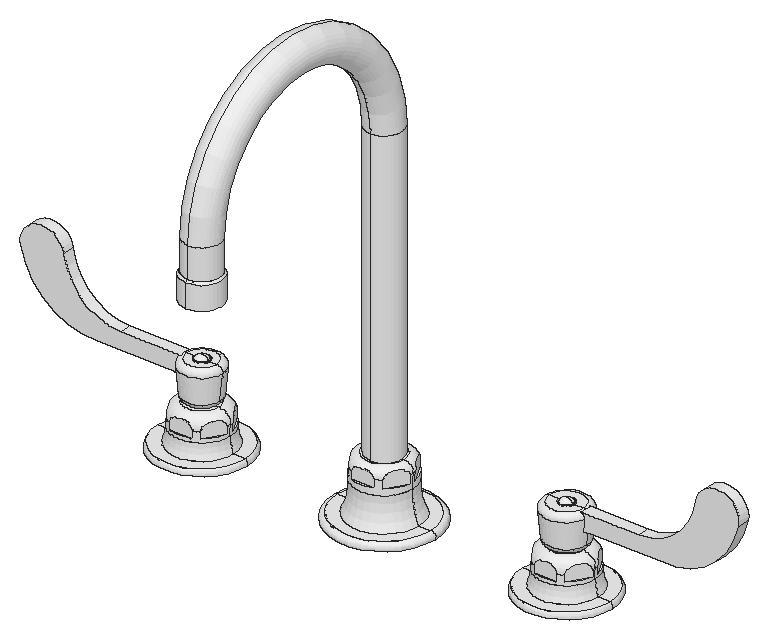
Revit family "Faucet-Lavatory-American_Standard-Monterrey-6540.174.002", category Plumbing Fixtures, Revit 2019
Family settings
  Round Connector Dimension = Use Diameter
  Part Type = Normal
  OmniClass Number = 23.45.55.17
  OmniClass Title = Mixing Faucets
  Work Plane-Based = Yes
  Always vertical = No
  Cut with Voids When Loaded = No
  Shared = Yes
  Room Calculation Point = No
Parameters (values of type "6540.174.002")
  Waste Connection = no
  Warranty Information = "5 Year Limited Warranty for Commercial Installations"  # constant formula
  WFU = 2  # constant formula
  Vent Connection = no
  URL = "http://www.americanstandard-us.com/"
  Spout Reach = 5"
  Revised Date = "09/27/2021"  # constant formula
  Reach Height = 6 1/2"
  Product Page URL = "https://www.americanstandard-us.com/Mechanical-Commercial-Fittings/Monterrey-8-Inch-Widespread-Gooseneck-Faucet-With-Wrist-Blade-Handles-035-gpm-13-Lpm/CHROME-6540174002"
  Product Documentation Link = "https://americanstandard.box.com/shared/static/afhcwfvql6dd4f4aj8t69of0fhdpz55u.pdf"
  Price = "Prices may vary. Please consult Manufacturer Representative for most up-to-date price list."  # constant formula
  Model = "6540.174.002"
  Material = "Brass-American Standard-002-Polished Chrome"
  Manufacturer = "American Standard"
  Length = 15 3/4"
  Installation Type = "Deck Mounted"
  Hot Water Connection Diameter = 1/2"  # constant formula
  Height = 10 5/8"
  Handle Distance = 8"  # constant formula
  HWFU = 1.5  # constant formula
  HW Connection = yes
  Flow Rate = "0.35 gpm (1.3L/min)"
  Finish = Brass-American Standard-002-Polished Chrome
  Description = "Monterrey 0.35 gpm Two-handle 8\" Widespread Lavatory Faucet Rigid/Swivel Gooseneck with 5\" Reach"
  Default Elevation = 0"
  Creation Date = "02/25/2016"  # constant formula
  Cold Water Connection Diameter = 1/2"  # constant formula
  CalGreen Compliant = yes
  CWFU = 1.5  # constant formula
  CW Connection = yes
  Assembly Code = "D2020300"
  ASME A112.18.1/CSA B125.1 = yes
  ADA Compliant = yes
Reference planes (in)
  plane 1 "Center (Front/Back)": y = 0
  plane 2: z = 0
  plane 3 "Center (Left/Right)": x = 0
  plane 4: z = 10.625
  plane 5: y = -5
  plane 6: z = 6.5
  plane 7: x = 4
  plane 8: x = -4
  plane 9: x = -5
  plane 10: z = 0.17426
  plane 11: y = -0.375
  plane 12: y = -5.375
  plane 13: x = -3
  plane 14: x = 5
  plane 15: x = 3
  plane 16: x = 0.37856
  plane 17: x = -0.37856
  plane 18: x = -7.875
  plane 19: x = 7.875
Forms (in)
  Sweep 1, solid, material "Brass-American Standard-002-Polished Chrome" <- "Finish"
    path origin (0, 0, -1.50409) x (0, 1, 0) y (0, 0, 1)
      loop
        line (0, 2.52781) -> (0, 9.24965)
        arc (0, 9.24965) -> (-2.5, 11.74965) -> (-5, 9.24965) r 2.5
        line (-5, 9.24965) -> (-5, 8.24965)
    profile origin (0, 0, 4.38465) x (0, -1, 0) y (1, 0, 0)
      loop
        circle (0, 0) r 0.37856
  Revolve 2, solid, material "Brass-American Standard-002-Polished Chrome" <- "Finish"
    sketch origin (0, 4.5, -0.45291) x (0, 1, 0) y (0, 0, 1)
      loop
        line (-9.92726, 7.48224) -> (-9.92726, 6.98147) -> (-9.88892, 6.98147) -> (-9.86892, 6.95291) -> (-9.5, 6.95291) -> (-9.5, 7.53052) -> (-9.89345, 7.53052) -> (-9.92726, 7.48224)
      axis (-9.5, 7.53052) -> (-9.5, 6.95291)
    angle from 0 to 360
  Revolve 3, solid, material "Brass-American Standard-002-Polished Chrome" <- "Finish"
    sketch origin (0, 0, 0) x (1, 0, 0) y (0, 0, 1)
      loop
        arc (-4, 1.83383) -> (-4.07786, 1.81554) -> (-4.13264, 1.75726) r 0.13852
        line (-4.13264, 1.75726) -> (-4.13264, 1.72601) -> (-4.16389, 1.72601) -> (-4.16389, 1.75726) -> (-4.32791, 1.75726)
        arc (-4.32791, 1.75726) -> (-4.42046, 1.71627) -> (-4.45232, 1.62019) r 0.125
        line (-4.45232, 1.62019) -> (-4.39778, 1.05773)
        arc (-4.39778, 1.05773) -> (-4.36565, 0.99373) -> (-4.29886, 0.96794) r 0.09938
        line (-4.29886, 0.96794) -> (-4.17228, 0.96794) -> (-4.17228, 0.93) -> (-4.37285, 0.93)
        arc (-4.37285, 0.93) -> (-4.55339, 0.85294) -> (-4.62262, 0.66927) r 0.25
        line (-4.62262, 0.66927) -> (-4.62262, 0.45123)
        arc (-4.62262, 0.45123) -> (-4.63597, 0.28237) -> (-4.68685, 0.12081) r 0.75054
        line (-4.68685, 0.12081) -> (-4.95648, 0.12081)
        arc (-4.95648, 0.12081) -> (-4.99181, 0.0653) -> (-5, 0) r 0.15007
        line (-5, 0) -> (-4, 0) -> (-4, 1.83383)
      axis (-4, 1.83383) -> (-4, 0)
    angle from 0 to 360
  Revolve 4, solid, material "Brass-American Standard-002-Polished Chrome" <- "Finish"
    sketch origin (0, 0, 0) x (1, 0, 0) y (0, 0, 1)
      loop
        line (0, 0) -> (0, 1.32462) -> (-0.42891, 1.32462)
        arc (-0.42891, 1.32462) -> (-0.57144, 1.26558) -> (-0.63047, 1.12306) r 0.20156
        line (-0.63047, 1.12306) -> (-0.63047, 0.82462)
        arc (-0.63047, 0.82462) -> (-0.63991, 0.47235) -> (-0.76259, 0.142) r 1.07672
        line (-0.76259, 0.142) -> (-1.02139, 0.142)
        arc (-1.02139, 0.142) -> (-1.1063, 0.09564) -> (-1.12082, 0) r 0.1089
        line (-1.12082, 0) -> (0, 0)
      axis (0, 1.32462) -> (0, 0)
    angle from 0 to 360
  Extrusion 5, void
    sketch origin (0, 0, 0) x (1, 0, 0) y (0, 1, 0)
      loop
        line (-0.66376, 0) -> (-0.33188, -0.57483) -> (0.33188, -0.57483) -> (0.66376, 0) -> (0.33188, 0.57483) -> (-0.33188, 0.57483) -> (-0.66376, 0)
      loop
        circle (0, 0) r 0.75
    from 0.957 to 1.38415
  Extrusion 6, void
    sketch origin (0, 0, 0) x (1, 0, 0) y (0, 1, 0)
      loop
        line (-3.34125, 0) -> (-3.67062, 0.5705) -> (-4.32938, 0.5705) -> (-4.65875, 0) -> (-4.32938, -0.5705) -> (-3.67062, -0.5705) -> (-3.34125, 0)
      loop
        circle (-4, 0) r 0.70724
    from 0.93221 to 0.524
  Revolve 7, solid, material "Brass-American Standard-002-Polished Chrome" <- "Finish"
    sketch origin (0, 0, 0) x (-1, 0, 0) y (0, 0, -1)
      loop
        line (-4, -1.83383) -> (-4, 0) -> (-5, 0)
        arc (-5, 0) -> (-4.99181, -0.0653) -> (-4.95648, -0.12081) r 0.15007
        line (-4.95648, -0.12081) -> (-4.68685, -0.12081)
        arc (-4.68685, -0.12081) -> (-4.63597, -0.28237) -> (-4.62262, -0.45123) r 0.75054
        line (-4.62262, -0.45123) -> (-4.62262, -0.66927)
        arc (-4.62262, -0.66927) -> (-4.55339, -0.85294) -> (-4.37285, -0.93) r 0.25
        line (-4.37285, -0.93) -> (-4.17228, -0.93) -> (-4.17228, -0.96794) -> (-4.34595, -0.96794)
        arc (-4.34595, -0.96794) -> (-4.41275, -0.99373) -> (-4.44487, -1.05773) r 0.09938
        line (-4.44487, -1.05773) -> (-4.49942, -1.62019)
        arc (-4.49942, -1.62019) -> (-4.46756, -1.71627) -> (-4.375, -1.75726) r 0.125
        line (-4.375, -1.75726) -> (-4.16389, -1.75726) -> (-4.16389, -1.72601) -> (-4.13264, -1.72601) -> (-4.13264, -1.75726)
        arc (-4.13264, -1.75726) -> (-4.07786, -1.81554) -> (-4, -1.83383) r 0.13852
      axis (-4, -1.83383) -> (-4, 0)
    angle from 0 to 360
  Extrusion 8, void
    sketch origin (0, 0, 0) x (-1, 0, 0) y (0, -1, 0)
      loop
        line (-3.34125, 0) -> (-3.67062, 0.5705) -> (-4.32938, 0.5705) -> (-4.65875, 0) -> (-4.32938, -0.5705) -> (-3.67062, -0.5705) -> (-3.34125, 0)
      loop
        circle (-4, 0) r 0.70724
    from 0.93221 to 0.524
  Extrusion 9, solid, material "Brass-American Standard-002-Polished Chrome" <- "Finish"
    sketch origin (0, 0, 0) x (-1, 0, 0) y (0, 0, -1)
      loop
        arc (-6.17228, -1.40079) -> (-7.25828, -1.72432) -> (-7.875, -2.67496) r 1.63938
        arc (-7.875, -2.67496) -> (-7.48691, -3.22952) -> (-6.92805, -2.84766) r 0.48132
        arc (-6.92805, -2.84766) -> (-6.51546, -2.06427) -> (-5.68745, -1.7507) r 1.25
        line (-5.68745, -1.7507) -> (-4, -1.7507) -> (-4, -1.18458) -> (-4.19638, -1.18458)
        arc (-4.19638, -1.18458) -> (-4.38259, -1.34362) -> (-4.62072, -1.40079) r 0.52452
        line (-4.62072, -1.40079) -> (-6.17228, -1.40079)
    from -0.125 to 0.125
  Extrusion 10, solid, material "Brass-American Standard-002-Polished Chrome" <- "Finish"
    sketch origin (0, 0, 0) x (1, 0, 0) y (0, 0, 1)
      loop
        line (-6.17228, 1.40079) -> (-4.62072, 1.40079)
        arc (-4.62072, 1.40079) -> (-4.38259, 1.34362) -> (-4.19638, 1.18458) r 0.52452
        line (-4.19638, 1.18458) -> (-4, 1.18458) -> (-4, 1.7507) -> (-5.68745, 1.7507)
        arc (-5.68745, 1.7507) -> (-6.51546, 2.06427) -> (-6.92805, 2.84766) r 1.25
        arc (-6.92805, 2.84766) -> (-7.48691, 3.22952) -> (-7.875, 2.67496) r 0.48132
        arc (-7.875, 2.67496) -> (-7.25828, 1.72432) -> (-6.17228, 1.40079) r 1.63938
    from -0.125 to 0.125
  Revolve 11, solid, material "Paint-American Standard-Blue"
    sketch origin (0, 0, 0) x (1, 0, 0) y (0, 0, 1)
      loop
        line (4.13264, 1.75362) -> (4.13264, 1.70599) -> (4.16389, 1.70599) -> (4.16389, 1.75362) -> (4.13264, 1.75362)
      axis (4, 1.75362) -> (4, 1.70599)
    angle from 0 to 360
  Revolve 12, solid, material "Paint-American Standard-Red"
    sketch origin (0, 0, 0) x (1, 0, 0) y (0, 0, 1)
      loop
        line (-4.13264, 1.75139) -> (-4.16389, 1.75139) -> (-4.16389, 1.7133) -> (-4.13264, 1.7133) -> (-4.13264, 1.75139)
      axis (-4, 1.75139) -> (-4, 1.71202)
    angle from 0 to 360
Cuts and joins
  Extrusion 5 cuts Sweep 1
  Extrusion 5 cuts Revolve 4
  joined: Sweep 1, Revolve 2, Revolve 4
  Extrusion 6, Extrusion 8 cuts Revolve 3
  Extrusion 8 cuts Revolve 7
  joined: Revolve 3, Revolve 7, Extrusion 9, Extrusion 10
Lines and regions (in)
  Masking region 1
    outline origin (0, 0, 0) x (1, 0, 0) y (0, 1, 0)
      loop
        line (-4.99216, 0.125) -> (-7.875, 0.125) -> (-7.875, -0.125) -> (-4.99216, -0.125)
        arc (-4.99216, -0.125) -> (-3, 0) -> (-4.99216, 0.125) r 1
      loop
        line (7.875, 0.125) -> (4.99216, 0.125)
        arc (4.99216, 0.125) -> (3, 0) -> (4.99216, -0.125) r 1
        line (4.99216, -0.125) -> (7.875, -0.125) -> (7.875, 0.125)
      loop
        line (-0.37856, -1.05496) -> (-0.37856, -4.80191)
        arc (-0.37856, -4.80191) -> (0, -5.42726) -> (0.37856, -4.80191) r 0.42726
        line (0.37856, -4.80191) -> (0.37856, -1.05496)
        arc (0.37856, -1.05496) -> (0, 1.12082) -> (-0.37856, -1.05496) r 1.12082
  symbolic lines, detail levels fine
    curve 1: circle (-4, 0, 0) r 0.16389 normal (0, 0, -1)
    curve 3: arc (-0.37856, -0.50417, 0) -> (0.00635, 0.63044, 0) -> (0.36833, -0.51169, 0) r 0.63047
    curve 7: circle (4, 0, 0) r 0.13264 normal (0, 0, 1)
    curve 13: arc (4.67538, 0.125, 0) -> (3.31315, 0, 0) -> (4.67538, -0.125, 0) r 0.68685
    curve 16: arc (-4.67538, 0.125, 0) -> (-3.31315, 0, 0) -> (-4.67538, -0.125, 0) r 0.68685
    curve 19: arc (4.16389, 0, 0) -> (4, 0.16389, 0) -> (3.83611, 0, 0) r 0.16389
    curve 20: arc (3.83611, 0, 0) -> (4, -0.16389, 0) -> (4.16389, 0, 0) r 0.16389
    curve 21: arc (-4.16389, 0, 0) -> (-4, 0.16389, 0) -> (-3.83611, 0, 0) r 0.16389
    curve 22: arc (-3.83611, 0, 0) -> (-4, -0.16389, 0) -> (-4.16389, 0, 0) r 0.16389
  symbolic lines, detail levels medium+fine
    curve 2: arc (0.37856, -0.66199, 0) -> (0, 0.76259, 0) -> (-0.37856, -0.66199, 0) r 0.76259
    curve 4: arc (-0.37856, 0, 0) -> (0, 0.37856, 0) -> (0.37856, 0, 0) r 0.37856
    curve 5: line (0.37856, 0, 0) -> (0.37856, -1.05496, 0)
    curve 6: line (-0.37856, 0, 0) -> (-0.37856, -1.05496, 0)
    curve 8: arc (-0.375, -4.88091, 0) -> (0, -5.39345, 0) -> (0.375, -4.88091, 0) r 0.39345
    curve 9: line (0.375, -4.79524, 0) -> (0.375, -4.88091, 0)
    curve 10: line (-0.375, -4.79524, 0) -> (-0.375, -4.88091, 0)
    curve 11: line (4.99216, 0.125, 0) -> (4.43532, 0.125, 0)
    curve 12: line (4.99216, -0.125, 0) -> (4.43532, -0.125, 0)
    curve 14: line (-4.99216, 0.125, 0) -> (-4.43532, 0.125, 0)
    curve 15: line (-4.99216, -0.125, 0) -> (-4.43532, -0.125, 0)
    curve 17: arc (-4.43532, -0.125, 0) -> (-3.54709, 0, 0) -> (-4.43532, 0.125, 0) r 0.45291
    curve 18: arc (4.43532, -0.125, 0) -> (3.54709, 0, 0) -> (4.43532, 0.125, 0) r 0.45291
Dimensions and locks (in)
  "Height": plane 4 to level
  "Spout Reach": plane 1 "Center (Front/Back)" to plane 5
  locked: Sweep 1 sketch curve to plane 11 at 0.375
  locked: plane 4 to Sweep 1 sketch curve at 2.87943
  locked: Sweep 1 sketch curve to plane 12 at 0.375
  locked: plane 5 to plane 12 at 0.375
  locked: plane 9 to plane 8 at 1
  locked: plane 13 to plane 8 at 1
  plane 15 to plane 7 to plane 14 = 1" locked, 1" locked
  "Handle Distance": plane 7 to plane 8
  equal spacing: plane 7, plane 3 "Center (Left/Right)", plane 8
  equal spacing: plane 19, plane 3 "Center (Left/Right)", plane 18
  "Length": plane 19 to plane 18
  "Reach Height": plane 6 to level
  plane 6 to level = 6 1/2"
  plane 8 to plane 18 = 3 7/8"
  plane 7 to plane 19 = 3 7/8"
  plane 4 to level = 10 5/8"
  aligned and locked: Revolve 3 sketch curve to Revolve 3 sketch curve
  aligned and locked: Revolve 3 sketch curve to plane 8
  aligned and locked: Revolve 7 sketch curve to Revolve 7 sketch curve
  aligned and locked: plane 14 to Revolve 7 sketch curve
  aligned and locked: Masking region 1 sketch curve to cut or joined group of Revolve 3, Extrusion 6, Revolve 7, Extrusion 8, Extrusion 9, Extrusion 10  (x2)
  aligned and locked: cut or joined group of Revolve 3, Extrusion 6, Revolve 7, Extrusion 8, Extrusion 9, Extrusion 10 to Masking region 1 sketch curve  (x2)
  aligned and locked: Masking region 1 sketch curve to cut or joined group of Sweep 1, Revolve 2, Revolve 4, Extrusion 5
  aligned and locked: Masking region 1 sketch curve to Revolve 2
  aligned and locked: plane 16 to Masking region 1 sketch curve
  aligned and locked: Masking region 1 sketch curve to plane 17
  aligned and locked: curve 1 to cut or joined group of Revolve 3, Extrusion 6, Revolve 7, Extrusion 8, Extrusion 9, Extrusion 10
  aligned and locked: curve 2 to cut or joined group of Sweep 1, Revolve 2, Revolve 4, Extrusion 5
  aligned and locked: curve 3 to cut or joined group of Sweep 1, Revolve 2, Revolve 4, Extrusion 5
  aligned and locked: curve 4 to cut or joined group of Sweep 1, Revolve 2, Revolve 4, Extrusion 5
  aligned and locked: curve 8 to Revolve 2
  aligned and locked: plane 16 to curve 5
  aligned and locked: plane 17 to curve 6
Automatic sketch dimensions
  curve 1 to curve 16 = 0"  (x2)
  curve 1 to curve 17 = 0"  (x2)
  curve 7 to curve 13 = 0"  (x2)
  curve 7 to curve 18 = 0"  (x2)
  plane 1 "Center (Front/Back)" to curve 18 = 0"
  curve 18 to plane 7 = 0"
  plane 1 "Center (Front/Back)" to curve 15 = 1/8"
  curve 15 to plane 8 = 0.43532"
  curve 14 to plane 1 "Center (Front/Back)" = 1/8"
  curve 10 to plane 5 = 0.11909"
  curve 9 to plane 5 = 0.11909"
  curve 11 to plane 1 "Center (Front/Back)" = 1/8"
  curve 11 to plane 7 = 0.43532"
  plane 1 "Center (Front/Back)" to curve 12 = 1/8"
  curve 16 to curve 15 = 0.24006"
  curve 15 to plane 9 = 0.00784"
  curve 14 to plane 9 = 0.00784"
  curve 3 to curve 2 = 0.01023"
  curve 18 to curve 13 = 0.24006"
  curve 11 to plane 14 = 0.00784"
  curve 12 to plane 14 = 0.00784"
  curve 9 to curve 9 = 0.08567"
  curve 10 to curve 10 = 0.08567"
  curve 6 to curve 2 = 0.39297"
  curve 5 to curve 2 = 0.39297"
  plane 6 to Sweep 1 sketch curve = 0.24557"
  level to Sweep 1 sketch curve = 1.02373"
  Sweep 1 sketch curve to profile plane = 0"  (x2)
  Revolve 2 sketch curve to plane 6 = 0"
  Revolve 2 sketch curve to plane 5 = 0"  (x2)
  Revolve 2 sketch curve to plane 12 = 0.00608"
  plane 12 to Revolve 2 sketch curve = 0.01392"
  plane 12 to Revolve 2 sketch curve = 0.01845"
  Revolve 2 sketch curve to Revolve 2 sketch curve = 0.03834"
  plane 6 to Revolve 2 sketch curve = 0.02857"
  Revolve 2 sketch curve to Revolve 2 sketch curve = 0.50077"
  Revolve 2 sketch curve to Revolve 2 sketch curve = 0.04828"
  Revolve 2 sketch curve to Revolve 2 sketch curve = 1.85153"
  Revolve 2 sketch curve to Revolve 2 sketch curve = 0.17914"
  Revolve 4 sketch curve to level = 0"
  Revolve 4 sketch curve to plane 3 "Center (Left/Right)" = 0"  (x2)
  Revolve 4 sketch curve to Revolve 4 sketch curve = 0.42891"
  Revolve 4 sketch curve to Revolve 4 sketch curve = 0.20156"
  plane 10 to Revolve 4 sketch curve = 0.03226"
  Revolve 4 sketch curve to Revolve 4 sketch curve = 0.13211"
  level to Revolve 4 sketch curve = 0.03318"
  Revolve 4 sketch curve to Revolve 4 sketch curve = 0.25451"
  Revolve 4 sketch curve to Revolve 4 sketch curve = 0.0043"
  Revolve 4 sketch curve to Revolve 4 sketch curve = 0.67562"
  level to Revolve 4 sketch curve = 0.67694"
  Revolve 4 sketch curve to Revolve 4 sketch curve = 0.29844"
  Revolve 4 sketch curve to Revolve 4 sketch curve = 0.30223"
  Revolve 4 sketch curve to Revolve 4 sketch curve = 0.12315"
  plane 1 "Center (Front/Back)" to Extrusion 5 sketch curve = 0"  (x3)
  Extrusion 5 sketch curve to plane 3 "Center (Left/Right)" = 0"
  Extrusion 5 sketch curve to plane 3 "Center (Left/Right)" = 0.33188"  (x2)
  Extrusion 5 sketch curve to Extrusion 5 sketch curve = 0.33188"  (x2)
  plane 3 "Center (Left/Right)" to Extrusion 5 sketch curve = 0.33188"  (x2)
  plane 1 "Center (Front/Back)" to Extrusion 5 sketch curve = 0.57483"
  Extrusion 5 sketch curve to plane 1 "Center (Front/Back)" = 0.57483"
  plane 1 "Center (Front/Back)" to Extrusion 6 sketch curve = 0"  (x3)
  Extrusion 6 sketch curve to plane 8 = 0"
  Extrusion 6 sketch curve to plane 8 = 0.32938"  (x2)
  Extrusion 6 sketch curve to plane 9 = 0.34125"
  plane 8 to Extrusion 6 sketch curve = 0.32938"  (x2)
  Extrusion 6 sketch curve to plane 13 = 0.34125"
  plane 1 "Center (Front/Back)" to Extrusion 6 sketch curve = 0.5705"
  Extrusion 6 sketch curve to plane 1 "Center (Front/Back)" = 0.5705"
  plane 1 "Center (Front/Back)" to Extrusion 8 sketch curve = 0"  (x3)
  Extrusion 8 sketch curve to plane 7 = 0"
  plane 7 to Extrusion 8 sketch curve = 0.32938"  (x2)
  plane 14 to Extrusion 8 sketch curve = 0.34125"
  Extrusion 8 sketch curve to plane 7 = 0.32938"  (x2)
  plane 15 to Extrusion 8 sketch curve = 0.34125"
  Extrusion 8 sketch curve to plane 1 "Center (Front/Back)" = 0.5705"
  plane 1 "Center (Front/Back)" to Extrusion 8 sketch curve = 0.5705"
  plane 19 to Extrusion 9 sketch curve = 0"
  plane 7 to Extrusion 9 sketch curve = 0"
  Extrusion 9 sketch curve to plane 19 = 0.47444"
  Extrusion 9 sketch curve to Extrusion 9 sketch curve = 1.12449"
  Extrusion 9 sketch curve to plane 14 = 1.17228"
  Extrusion 9 sketch curve to Extrusion 9 sketch curve = 0.48482"
  plane 14 to Extrusion 9 sketch curve = 0.37928"
  plane 7 to Extrusion 9 sketch curve = 0.19638"
  Extrusion 9 sketch curve to level = 0.87627"
  Extrusion 9 sketch curve to Extrusion 9 sketch curve = 0.3083"
  Extrusion 9 sketch curve to Extrusion 9 sketch curve = 0.56612"
  Extrusion 9 sketch curve to Extrusion 9 sketch curve = 1.35523"
  Extrusion 9 sketch curve to Extrusion 9 sketch curve = 1 1/4"
  Extrusion 9 sketch curve to Extrusion 9 sketch curve = 0.03619"
  Masking region 1 sketch curve to plane 18 = 0"
  Masking region 1 sketch curve to plane 19 = 0"
  Masking region 1 sketch curve to plane 9 = 0.00784"  (x2)
  plane 18 to Extrusion 10 sketch curve = 0"
  Extrusion 10 sketch curve to plane 8 = 0"
  plane 18 to Extrusion 10 sketch curve = 0.47444"
  Extrusion 10 sketch curve to Extrusion 10 sketch curve = 1.12449"
  plane 9 to Extrusion 10 sketch curve = 1.17228"
  Extrusion 10 sketch curve to Extrusion 10 sketch curve = 0.48482"
  Extrusion 10 sketch curve to plane 9 = 0.37928"
  Extrusion 10 sketch curve to plane 8 = 0.19638"
  level to Extrusion 10 sketch curve = 0.87627"
  Extrusion 10 sketch curve to Extrusion 10 sketch curve = 0.3083"
  Extrusion 10 sketch curve to Extrusion 10 sketch curve = 0.56612"
  Extrusion 10 sketch curve to Extrusion 10 sketch curve = 1.35523"
  Extrusion 10 sketch curve to Extrusion 10 sketch curve = 1 1/4"
  Extrusion 10 sketch curve to Extrusion 10 sketch curve = 0.03619"
  plane 7 to Revolve 7 sketch curve = 0"
  Revolve 7 sketch curve to level = 0"
  plane 14 to Revolve 7 sketch curve = 0.37273"
  Revolve 7 sketch curve to plane 14 = 0.04352"
  level to Revolve 7 sketch curve = 0.01443"
  Revolve 7 sketch curve to plane 14 = 0.14937"
  Revolve 7 sketch curve to Revolve 7 sketch curve = 0.16378"
  Revolve 7 sketch curve to plane 14 = 0.37738"
  Revolve 7 sketch curve to plane 7 = 0.49942"
  Revolve 7 sketch curve to Revolve 7 sketch curve = 0.17775"
  Revolve 7 sketch curve to Revolve 7 sketch curve = 0.12442"
  Revolve 7 sketch curve to Revolve 7 sketch curve = 0.24977"
  Revolve 7 sketch curve to Revolve 7 sketch curve = 0.09892"
  Revolve 7 sketch curve to plane 7 = 0.17228"
  Revolve 7 sketch curve to plane 7 = 0.13264"
  Revolve 7 sketch curve to plane 7 = 0.00861"
  level to Revolve 7 sketch curve = 0.42558"
  Revolve 7 sketch curve to Revolve 7 sketch curve = 0.21804"
  Revolve 7 sketch curve to Revolve 7 sketch curve = 0.01074"
  Revolve 7 sketch curve to Revolve 7 sketch curve = 0.03794"
  Revolve 7 sketch curve to Revolve 7 sketch curve = 0.08979"
  Revolve 7 sketch curve to Revolve 7 sketch curve = 0.56246"
  Revolve 7 sketch curve to Revolve 7 sketch curve = 0.01207"
  Revolve 7 sketch curve to Revolve 7 sketch curve = 0.06167"
  Revolve 7 sketch curve to Revolve 7 sketch curve = 1/32"  (x2)
  Revolve 7 sketch curve to level = 0.17825"
  Revolve 7 sketch curve to Revolve 7 sketch curve = 0.45282"
  Revolve 7 sketch curve to Revolve 7 sketch curve = 0.07658"
  plane 7 to Revolve 11 sketch curve = 0"
  Revolve 11 sketch curve to plane 7 = 0.13264"
  Revolve 11 sketch curve to Revolve 11 sketch curve = 1/32"
  level to Revolve 11 sketch curve = 1.70599"
  Revolve 11 sketch curve to Revolve 11 sketch curve = 0.04764"
  Revolve 11 sketch curve to Revolve 11 sketch curve = 0.06101"
  Revolve 11 sketch curve to Revolve 11 sketch curve = 0.03652"
  Revolve 3 sketch curve to level = 0"
  plane 9 to Revolve 3 sketch curve = 0"
  plane 9 to Revolve 3 sketch curve = 0.37273"
  Revolve 3 sketch curve to plane 9 = 0.04352"
  level to Revolve 3 sketch curve = 0.01443"
  Revolve 3 sketch curve to plane 9 = 0.14937"
  Revolve 3 sketch curve to Revolve 3 sketch curve = 0.16378"
  Revolve 3 sketch curve to Revolve 3 sketch curve = 0.06423"
  Revolve 3 sketch curve to plane 8 = 0.45232"
  Revolve 3 sketch curve to plane 8 = 0.39778"
  Revolve 3 sketch curve to Revolve 3 sketch curve = 0.02492"
  Revolve 3 sketch curve to Revolve 3 sketch curve = 0.12442"
  Revolve 3 sketch curve to Revolve 3 sketch curve = 0.07399"
  Revolve 3 sketch curve to Revolve 3 sketch curve = 0.12658"
  Revolve 3 sketch curve to plane 8 = 0.13264"
  Revolve 3 sketch curve to plane 8 = 0.00861"
  level to Revolve 3 sketch curve = 0.42558"
  Revolve 3 sketch curve to Revolve 3 sketch curve = 0.21804"
  Revolve 3 sketch curve to Revolve 3 sketch curve = 0.01074"
  Revolve 3 sketch curve to Revolve 3 sketch curve = 0.03794"
  Revolve 3 sketch curve to Revolve 3 sketch curve = 0.12773"
  Revolve 3 sketch curve to Revolve 3 sketch curve = 0.56246"
  Revolve 3 sketch curve to Revolve 3 sketch curve = 0.01207"
  Revolve 3 sketch curve to Revolve 3 sketch curve = 0.06167"
  Revolve 3 sketch curve to Revolve 3 sketch curve = 1/32"  (x2)
  Revolve 3 sketch curve to level = 0.17825"
  Revolve 3 sketch curve to Revolve 3 sketch curve = 0.45282"
  Revolve 3 sketch curve to Revolve 3 sketch curve = 0"
  Revolve 12 sketch curve to plane 8 = 0"
  Revolve 12 sketch curve to plane 8 = 0.13264"
  Revolve 12 sketch curve to Revolve 12 sketch curve = 1/32"
  level to Revolve 12 sketch curve = 1.7133"
  Revolve 12 sketch curve to Revolve 12 sketch curve = 0.03809"
  Revolve 12 sketch curve to Revolve 12 sketch curve = 0.05762"
  Revolve 12 sketch curve to Revolve 12 sketch curve = 0.08106"
  curve 7 to curve 19 = 0"  (x2)
  curve 19 to curve 19 = 0.16389"
  curve 1 to curve 21 = 0"  (x2)
  curve 21 to plane 8 = 0.16389"
  radius of curve 7 = 0.13264"
  radius of Sweep 1 sketch curve = 0.37856"
  radius of Extrusion 5 sketch curve = 3/4"
  radius of Extrusion 6 sketch curve = 0.70724"
  radius of Extrusion 8 sketch curve = 0.70724"
Connectors (in)
  piping at (-4, 0, 0), diameter 0.5, driven by "HWFU", driven by "Hot Water Connection Diameter"
    settings: on cut or joined group of Revolve 3, Extrusion 6, Revolve 7, Extrusion 8, Extrusion 9, Extrusion 10, index 1, connector inside diameter 24", connector length 0", flow factor 0, pipe flow 0 GPM, pressure drop 0.00 psi, fitting loss kfactor 0, connector angle 0.00°, fixture units 1.5, engagement length 0", angle of deflection 0.00°, flow configuration 3, flow direction 1, fitting loss method 0, system type 19, joint type 0, gender type 0, connector reference index -1, connector utility 0, adjustable connector no, is connector primary yes, connector description "1/2\" NPSM HW Inlet Supply"
  piping at (4, 0, 0), diameter 0.5, driven by "CWFU", driven by "Cold Water Connection Diameter"
    settings: on cut or joined group of Revolve 3, Extrusion 6, Revolve 7, Extrusion 8, Extrusion 9, Extrusion 10, index 2, connector inside diameter 24", connector length 0", flow factor 0, pipe flow 0 GPM, pressure drop 0.00 psi, fitting loss kfactor 0, connector angle 0.00°, fixture units 1.5, engagement length 0", angle of deflection 0.00°, flow configuration 3, flow direction 1, fitting loss method 0, system type 20, joint type 0, gender type 0, connector reference index -1, connector utility 0, adjustable connector no, is connector primary no, connector description "1/2\" NPSM CW Inlet Supply"
